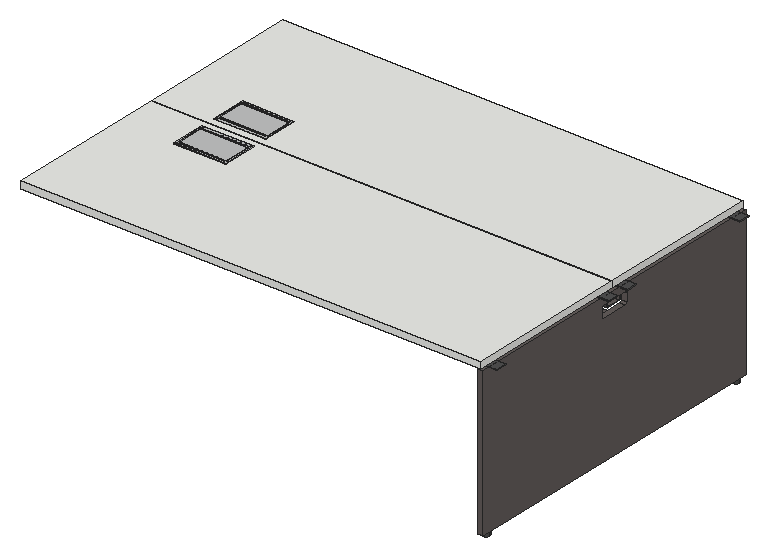
Revit family "Spine_Desks-Teknion-RMDDL_Spine_Desk_Shared_In_Line_Position-R2019", category Furniture, Revit 2019
Family settings
  OmniClass Number = 23.40.20.00
  OmniClass Title = General Furniture and Specialties
  Work Plane-Based = No
  Always vertical = Yes
  Cut with Voids When Loaded = No
  Shared = Yes
  Room Calculation Point = No
Parameters (values of type "Access Door Left, Raised Modesty Panel")
  Worksurface Grommet / Access Door Finish [instance] = Paint - Teknion - Mica - Platinum
  Worksurface Finish [instance] = Foundation Laminate - Teknion - XG - Very White
  Width [instance] = 84.000"
  Warranty = "http://www.teknion.com/ca/papers/legal-canada"
  Unit Weight URL = "http://www.teknion.com/ca/tools/assets#&asset=bee6a381-b954-425e-8283-5a2de3a804f2,f828d448-4b62-4231-9e5f-9a8991c0ed77"
  Underside Plate Offset [instance] = if(Has Full Intermediate Gable, 1.339", 0.610")  # 1.339"
  URL = "www.teknion.com"
  To render please download texture images found here [instance] = "https://assets.teknion.com/web/5e81352c1dfdb467/revit-material-swatches/"
  Sustainability Data = "https://www.teknion.com/ca/tools/assets#&topic=216f99a5-57a0-44fc-b10a-9dee9b29ae4c&asset=444deb64-fe58-4b68-981e-f75e97781df7,b4ff2d81-9f2e-437d-9659-7cffb09c31cf"
  Series = "Expansion Desking"  # constant formula
  Right Access Door = no
  Product Page URL = "https://www.teknion.com/ca/products/product-details?productLineId=2b4e336e-8e7a-673b-a6c8-ff00004460c4"
  Product Line = "Expansion Desking"  # constant formula
  Product Documentation Link = "https://www.teknion.com/pricing/expansion-desking/pdfs/RMDDL_ppg.pdf"
  Part Number = "RMDDL"  # constant formula
  Modesty Panel and Intermediate Panel Finish [instance] = Veneer - Teknion - VB - Flintwood - Black Walnut
  Model = "RMDDL_RL_____"
  Manufacturer Phone = "416-661-3370"  # constant formula
  Manufacturer Fax = "416.661.4586"  # constant formula
  Manufacturer Contact Information = "http://www.teknion.com/ca/contactus"
  Manufacturer Address = "1150 Flint Road, Toronto, ON. M3J 2J5. Canada"  # constant formula
  Manufacturer = "Teknion"  # constant formula
  Middle Access Door = no
  Left Access Door = yes
  Intermediate Gable Options [instance] = "Select one option below:"  # constant formula
  Intermediate Gable Offset [instance] = if(Has Full Intermediate Gable, 0.000", 13.039")  # 0.000"
  How To Use Teknion Materials User Guide [instance] = "https://assets.teknion.com/m/205dd0a49fa58060/original/How-to-add-a-Material-Library-and-Texture-Images-to-your-Revit-project.pdf"
  Has Half Intermediate Gable [instance] = not(Has Full Intermediate Gable)  # no
  Has Full Intermediate Gable [instance] = yes
  Front Access Panel Cutout Offset [instance] = if(Offset Left Access Door, 15.000", if(Offset Right Access Door, Width - 15.000", if(Left Access Door, 15.000", if(Middle Access Door, Width / 2, Width - 15.000"))))  # 15.000"
  For Additional Finishes please visit [instance] = "https://assets.teknion.com/m/44a8009b046e5d47/original/Teknion_Materials_Library.zip"
  Offset Right Access Door = no
  Description = "Spine Desk - Shared - In Line Position, Raised Modesty Panel, Access Door Left"
  Depth [instance] = 60.000"
  Offset Left Access Door = no
  Connection Node Visibility [instance] = yes
  Center Grommet Cutout [instance] = if(Centered Rectangular Grommet, 3.000", 0.500")  # 0.500"
  Centered Rectangular Grommet = no
  Both End Grommet Cutout [instance] = if(Both Ends Rectangular Grommet, 3.000", 0.500")  # 0.500"
  Back Access Panel Cutout Offset [instance] = if(Offset Left Access Door, Width - 15.000", if(Offset Right Access Door, 15.000", if(Left Access Door, 15.000", if(Middle Access Door, Width / 2, Width - 15.000"))))  # 15.000"
  Both Ends Rectangular Grommet = no
  Available Width [instance] = if(or(Both Ends Rectangular Grommet, Left Access Door, Right Access Door), "48\", 54\", 60\", 66\", 72\", 78\", or 84\"", if(or(Offset Left Access Door, Offset Right Access Door), "60\", 66\", 72\", 78\", or 84\"", "30\", 36\", 42\", 48\", 54\", 60\", 66\", 72\", 78\", or 84\""))  # "48\", 54\", 60\", 66\", 72\", 78\", or 84\""
  Available Depth [instance] = "48\", or 60\""  # constant formula
  Assembly Code = "E2020200"
  Access Door Cutout [instance] = if(Access Door, 3.000", 0.500")  # 3.000"
  Access Door = or(Offset Left Access Door, Offset Right Access Door, Left Access Door, Middle Access Door, Right Access Door)  # yes
Types (8): name | Right Access Door | Model | Middle Access Door | Left Access Door | Front Access Panel Cutout Offset | Offset Right Access Door | Description | Offset Left Access Door | Center Grommet Cutout | Centered Rectangular Grommet | Both End Grommet Cutout | Back Access Panel Cutout Offset | Both Ends Rectangular Grommet | Available Width | Access Door Cutout | Access Door
  (no name) | no | "RMDDL_RL_____" | no | yes | 15.000" | no | "Spine Desk - Shared - In Line Position, Raised Modesty Panel, Access Door Left" | no | 0.500" | no | 0.500" | 15.000" | no | "48\", 54\", 60\", 66\", 72\", 78\", or 84\"" | 3.000" | yes
  Rectangular Grommets Both Ends, Raised Modesty Panel | no | "RMDDL_RB_____" | no | no | 69.000" | no | "Spine Desk - Shared - In Line Position, Raised Modesty Panel, Rectangular Grommets Both Ends" | no | 0.500" | no | 3.000" | 69.000" | yes | "48\", 54\", 60\", 66\", 72\", 78\", or 84\"" | 0.500" | no
  Rectangular Grommets Centered, Raised Modesty Panel | no | "RMDDL_RC_____" | no | no | 69.000" | no | "Spine Desk - Shared - In Line Position, Raised Modesty Panel, Rectangular Grommets Centered" | no | 3.000" | yes | 0.500" | 69.000" | no | "30\", 36\", 42\", 48\", 54\", 60\", 66\", 72\", 78\", or 84\"" | 0.500" | no
  Access Door Offset Left, Raised Modesty Panel | no | "RMDDL_RD_____" | no | no | 15.000" | no | "Spine Desk - Shared - In Line Position, Raised Modesty Panel, Access Door Offset Left" | yes | 0.500" | no | 0.500" | 69.000" | no | "60\", 66\", 72\", 78\", or 84\"" | 3.000" | yes
  Access Door Offset Right, Raised Modesty Panel | no | "RMDDL_RE_____" | no | no | 69.000" | yes | "Spine Desk - Shared - In Line Position, Raised Modesty Panel, Access Door Offset Right" | no | 0.500" | no | 0.500" | 15.000" | no | "60\", 66\", 72\", 78\", or 84\"" | 3.000" | yes
  Access Door Left, Raised Modesty Panel | no | "RMDDL_RL_____" | no | yes | 15.000" | no | "Spine Desk - Shared - In Line Position, Raised Modesty Panel, Access Door Left" | no | 0.500" | no | 0.500" | 15.000" | no | "48\", 54\", 60\", 66\", 72\", 78\", or 84\"" | 3.000" | yes
  Access Door Middle, Raised Modesty Panel | no | "RMDDL_RM_____" | yes | no | 42.000" | no | "Spine Desk - Shared - In Line Position, Raised Modesty Panel, Access Door Middle" | no | 0.500" | no | 0.500" | 42.000" | no | "30\", 36\", 42\", 48\", 54\", 60\", 66\", 72\", 78\", or 84\"" | 3.000" | yes
  Access Door Right, Raised Modesty Panel | yes | "RMDDL_RR_____" | no | no | 69.000" | no | "Spine Desk - Shared - In Line Position, Raised Modesty Panel, Access Door Right" | no | 0.500" | no | 0.500" | 69.000" | no | "48\", 54\", 60\", 66\", 72\", 78\", or 84\"" | 3.000" | yes
Reference planes (in)
  plane 1 "Center Front/Back": y = 0
  plane 2: z = 0
  plane 3 "Center Left/Right": x = 0
  plane 4 "Left": x = -42
  plane 5 "Right": x = 42
  plane 6 "Back": y = 30
  plane 7 "Front": y = -30
  plane 8 "Top": z = 29
  plane 9 "Front Access Panel": x = -27
  plane 10 "Back Access Panel": x = -27
Forms (in)
  Sweep 1, solid, material "Veneer - Teknion - VB - Flintwood - Black Walnut" <- "Modesty Panel and Intermediate Panel Finish"
    path origin (0, 0, 0) x (1, 0, 0) y (0, 0, 1)
      loop
        line (0, 0.60236) -> (0, 27.69134)
    profile origin (0, 0, 14.14685) x (-1, 0, 0) y (0, -1, 0)
      loop
        line (-41.49213, -30) -> (-41.49213, 30) -> (-42.50788, 30) -> (-42.50788, -30) -> (-41.49213, -30)
  Sweep 2, solid, material "Veneer - Teknion - VB - Flintwood - Black Walnut" <- "Modesty Panel and Intermediate Panel Finish"
    path origin (0, 0, 0) x (1, 0, 0) y (0, 0, 1)
      loop
        line (0, 8.8376) -> (0, 23.5626)
    profile origin (0, 0, 16.2001) x (-1, 0, 0) y (0, -1, 0)
      loop
        line (41.492, -0.50787) -> (41.492, 0.50787) -> (-41.49213, 0.50787) -> (-41.49213, -0.50787) -> (41.492, -0.50787)
  Sweep 3, solid, material "Foundation Laminate - Teknion - XG - Very White" <- "Worksurface Finish"
    path origin (0, 0, 0) x (1, 0, 0) y (0, 0, 1)
      loop
        line (0, 27.81102) -> (0, 29)
    profile origin (0, 0, 28.40551) x (-1, 0, 0) y (0, -1, 0)
      loop
        line (42, -30) -> (42, 0) -> (-42, 0) -> (-42, -30) -> (42, -30)
  Sweep 4, solid, material "Foundation Laminate - Teknion - XG - Very White" <- "Worksurface Finish"
    path origin (0, 0, 0) x (1, 0, 0) y (0, 0, 1)
      loop
        line (0, 27.81102) -> (0, 29)
    profile origin (0, 0, 28.40551) x (-1, 0, 0) y (0, -1, 0)
      loop
        line (42, 0) -> (42, 30) -> (-42, 30) -> (-42, 0) -> (42, 0)
  Sweep 5, solid, material "Veneer - Teknion - VB - Flintwood - Black Walnut" <- "Modesty Panel and Intermediate Panel Finish"
    path origin (0, 0, 0) x (1, 0, 0) y (0, 1, 0)
      loop
        line (-39, 0) -> (39, 0)
    profile origin (0, 0, 0) x (0, 1, 0) y (0, 0, 1)
      loop
        line (5.14456, 25.62599) -> (5.58984, 24.79327) -> (5.58984, 22.38189) -> (2.91599, 22.38189) -> (2.29137, 23.55663) -> (1.97556, 23.49525) -> (1.96166, 23.56674) -> (1.75495, 23.52657) -> (1.79627, 23.31401) -> (2.00298, 23.35419) -> (1.98908, 23.42568) -> (2.25341, 23.47707) -> (2.87341, 22.31102) -> (5.6607, 22.31102) -> (5.6607, 24.81102) -> (5.11966, 25.82283) -> (4.88189, 25.82283) -> (4.88189, 25.62599) -> (5.14456, 25.62599)
      loop
        line (-5.14456, 25.62599) -> (-4.88189, 25.62599) -> (-4.88189, 25.82283) -> (-5.11966, 25.82283) -> (-5.6607, 24.81102) -> (-5.6607, 22.31102) -> (-2.87341, 22.31102) -> (-2.25341, 23.47707) -> (-1.98908, 23.42568) -> (-2.00298, 23.35419) -> (-1.79627, 23.31401) -> (-1.75495, 23.52657) -> (-1.96166, 23.56674) -> (-1.97556, 23.49525) -> (-2.29137, 23.55663) -> (-2.91599, 22.38189) -> (-5.58984, 22.38189) -> (-5.58984, 24.79327) -> (-5.14456, 25.62599)
  Sweep 6, solid, material "Paint - Teknion - Foundation - Ebony"
    path origin (0, 0, 0) x (1, 0, 0) y (0, 0, 1)
      loop
        line (0, 27.69134) -> (0, 27.81102)
    profile origin (0, 0, 27.75118) x (-1, 0, 0) y (0, -1, 0)
      loop
        line (-40, -3.09449) -> (-40, -1.09449) -> (-44, -1.09449) -> (-44, -3.09449) -> (-40, -3.09449)
      loop
        line (-40, 1.09449) -> (-40, 3.09449) -> (-44, 3.09449) -> (-44, 1.09449) -> (-40, 1.09449)
      loop
        line (-40, -28.661) -> (-40, -26.661) -> (-44, -26.661) -> (-44, -28.661) -> (-40, -28.661)
      loop
        line (-40, 28.661) -> (-44, 28.661) -> (-44, 26.661) -> (-40, 26.661) -> (-40, 28.661)
  Sweep 7, void
    path origin (0, 0, 0) x (1, 0, 0) y (0, 1, 0)
      loop
        line (40.5, 0) -> (43.5, 0)
    profile origin (42, 0, 0) x (0, 1, 0) y (0, 0, 1)
      loop
        line (2.53937, 26.45177) -> (-2.53937, 26.45177)
        arc (-2.53937, 26.45177) -> (-2.83191, 26.33046) -> (-2.95276, 26.03772) r 0.41339
        line (-2.95276, 26.03772) -> (-2.95276, 24.50229)
        arc (-2.95276, 24.50229) -> (-2.83144, 24.21041) -> (-2.53937, 24.08957) r 0.41339
        line (-2.53937, 24.08957) -> (2.53937, 24.08957)
        arc (2.53937, 24.08957) -> (2.83168, 24.21065) -> (2.95276, 24.50295) r 0.41339
        line (2.95276, 24.50295) -> (2.95276, 26.03838)
        arc (2.95276, 26.03838) -> (2.83168, 26.33069) -> (2.53937, 26.45177) r 0.41339
  Sweep 8, solid, material "Paint - Teknion - Mica - Platinum" <- "Worksurface Grommet / Access Door Finish", visible <- "Both Ends Rectangular Grommet"
    path origin (0, 0, 0) x (1, 0, 0) y (0, 0, 1)
      loop
        line (0, 29.15748) -> (0, 29)
    profile origin (0, 0, 29.07874) x (0, -1, 0) y (1, 0, 0)
      loop
        line (-6.50077, -40.57716) -> (-3.65671, -40.57716) -> (-3.65671, -37.72893) -> (-6.50077, -37.72893) -> (-6.50077, -40.57716)
      loop
        line (3.65671, -40.57716) -> (6.50077, -40.57716) -> (6.50077, -37.72893) -> (3.65671, -37.72893) -> (3.65671, -40.57716)
      loop
        line (-6.50077, 37.72893) -> (-3.65671, 37.72893) -> (-3.65671, 40.57716) -> (-6.50077, 40.57716) -> (-6.50077, 37.72893)
      loop
        line (3.65671, 37.72893) -> (6.50077, 37.72893) -> (6.50077, 40.57716) -> (3.65671, 40.57716) -> (3.65671, 37.72893)
  Sweep 9, solid, material "Paint - Teknion - Mica - Platinum" <- "Worksurface Grommet / Access Door Finish", visible <- "Both Ends Rectangular Grommet"
    path origin (0, 0, 0) x (1, 0, 0) y (0, 0, 1)
      loop
        line (0, 29.15748) -> (0, 29)
    profile origin (0, 0, 29.07874) x (0, -1, 0) y (1, 0, 0)
      loop
        line (-6.50077, -37.72893) -> (-5.29141, -37.72893) -> (-5.29141, -35.45033) -> (-4.86607, -35.45033) -> (-4.86607, -37.72893) -> (-3.65671, -37.72893) -> (-3.65671, -33.92284) -> (-6.50077, -33.92284) -> (-6.50077, -37.72893)
      loop
        line (6.50077, -37.72893) -> (6.50077, -33.92284) -> (3.65671, -33.92284) -> (3.65671, -37.72893) -> (4.86607, -37.72893) -> (4.86607, -35.45033) -> (5.29141, -35.45033) -> (5.29141, -37.72893) -> (6.50077, -37.72893)
      loop
        line (-6.50077, 37.72893) -> (-6.50077, 33.92284) -> (-3.65671, 33.92284) -> (-3.65671, 37.72893) -> (-4.86607, 37.72893) -> (-4.86607, 35.45033) -> (-5.29141, 35.45033) -> (-5.29141, 37.72893) -> (-6.50077, 37.72893)
      loop
        line (6.50077, 37.72893) -> (5.29141, 37.72893) -> (5.29141, 35.45033) -> (4.86607, 35.45033) -> (4.86607, 37.72893) -> (3.65671, 37.72893) -> (3.65671, 33.92284) -> (6.50077, 33.92284) -> (6.50077, 37.72893)
  Sweep 10, solid, material "Paint - Teknion - Mica - Platinum" <- "Worksurface Grommet / Access Door Finish", visible <- "Centered Rectangular Grommet"
    path origin (0, 0, 0) x (1, 0, 0) y (0, 0, 1)
      loop
        line (0, 29) -> (0, 29.15748)
    profile origin (0, 0, 29.07874) x (-1, 0, 0) y (0, -1, 0)
      loop
        line (3.32716, -6.50077) -> (3.32716, -3.65671) -> (0.47893, -3.65671) -> (0.47893, -6.50077) -> (3.32716, -6.50077)
      loop
        line (-0.47893, 3.65671) -> (-0.47893, 6.50077) -> (-3.32716, 6.50077) -> (-3.32716, 3.65671) -> (-0.47893, 3.65671)
  Sweep 11, solid, material "Paint - Teknion - Mica - Platinum" <- "Worksurface Grommet / Access Door Finish", visible <- "Centered Rectangular Grommet"
    path origin (0, 0, 0) x (1, 0, 0) y (0, 0, 1)
      loop
        line (0, 29) -> (0, 29.15748)
    profile origin (0, 0, 29.07874) x (-1, 0, 0) y (0, -1, 0)
      loop
        line (0.47893, -6.50077) -> (0.47893, -5.29141) -> (-1.79967, -5.29141) -> (-1.79967, -4.86607) -> (0.47893, -4.86607) -> (0.47893, -3.65671) -> (-3.32716, -3.65671) -> (-3.32716, -6.50077) -> (0.47893, -6.50077)
      loop
        line (-0.47893, 6.50077) -> (-0.47893, 5.29141) -> (1.79967, 5.29141) -> (1.79967, 4.86607) -> (-0.47893, 4.86607) -> (-0.47893, 3.65671) -> (3.32716, 3.65671) -> (3.32716, 6.50077) -> (-0.47893, 6.50077)
  Sweep 12, solid, material "Paint - Teknion - Mica - Platinum" <- "Worksurface Grommet / Access Door Finish", visible <- "Access Door"
    path origin (0, 0, 0) x (1, 0, 0) y (0, 0, 1)
      loop
        line (0, 29.07874) -> (0, 29)
    profile origin (0, 0, 29.03937) x (0, -1, 0) y (1, 0, 0)
      loop
        line (1.39665, -31.72441) -> (7.85335, -31.72441) -> (7.85335, -22.27559) -> (1.39665, -22.27559) -> (1.39665, -31.72441)
      loop
        line (7.53839, -31.40945) -> (7.53839, -22.59055) -> (1.71161, -22.59055) -> (1.71161, -31.40945) -> (7.53839, -31.40945)
      loop
        line (2.24311, -31.37008) -> (7.00689, -31.37008) -> (7.00689, -22.62992) -> (2.24311, -22.62992) -> (2.24311, -31.37008)
      loop
        line (-1.39665, -22.27559) -> (-7.85335, -22.27559) -> (-7.85335, -31.72441) -> (-1.39665, -31.72441) -> (-1.39665, -22.27559)
      loop
        line (-7.53839, -22.59055) -> (-7.53839, -31.40945) -> (-1.71161, -31.40945) -> (-1.71161, -22.59055) -> (-7.53839, -22.59055)
      loop
        line (-2.24311, -22.62992) -> (-7.00689, -22.62992) -> (-7.00689, -31.37008) -> (-2.24311, -31.37008) -> (-2.24311, -22.62992)
  Sweep 13, void
    path origin (0, 0, 0) x (1, 0, 0) y (0, 0, 1)
      loop
        line (0, 30) -> (0, 27)
    profile origin (0, 0, 28.5) x (0, -1, 0) y (1, 0, 0)
      loop
        line (1.8937, -31.625) -> (7.3563, -31.625)
        arc (7.3563, -31.625) -> (7.63469, -31.50969) -> (7.75, -31.2313) r 0.3937
        line (7.75, -31.2313) -> (7.75, -22.7687)
        arc (7.75, -22.7687) -> (7.63469, -22.49031) -> (7.3563, -22.375) r 0.3937
        line (7.3563, -22.375) -> (1.8937, -22.375)
        arc (1.8937, -22.375) -> (1.61531, -22.49031) -> (1.5, -22.7687) r 0.3937
        line (1.5, -22.7687) -> (1.5, -31.2313)
        arc (1.5, -31.2313) -> (1.61531, -31.50969) -> (1.8937, -31.625) r 0.3937
      loop
        line (-7.3563, -31.625) -> (-1.8937, -31.625)
        arc (-1.8937, -31.625) -> (-1.61531, -31.50969) -> (-1.5, -31.2313) r 0.3937
        line (-1.5, -31.2313) -> (-1.5, -22.7687)
        arc (-1.5, -22.7687) -> (-1.61531, -22.49031) -> (-1.8937, -22.375) r 0.3937
        line (-1.8937, -22.375) -> (-7.3563, -22.375)
        arc (-7.3563, -22.375) -> (-7.63469, -22.49031) -> (-7.75, -22.7687) r 0.3937
        line (-7.75, -22.7687) -> (-7.75, -31.2313)
        arc (-7.75, -31.2313) -> (-7.63469, -31.50969) -> (-7.3563, -31.625) r 0.3937
  Sweep 14, void
    path origin (0, 0, 0) x (1, 0, 0) y (0, 0, 1)
      loop
        line (0, 29.5) -> (0, 30)
    profile origin (0, 0, 29.75) x (-1, 0, 0) y (0, -1, 0)
      loop
        line (0.29194, -6.10495) -> (2.1422, -5.57859)
        arc (2.1422, -5.57859) -> (2.51969, -5.07874) -> (2.1422, -4.57889) r 0.51969
        line (2.1422, -4.57889) -> (0.29194, -4.05253)
        arc (0.29194, -4.05253) -> (0, -4.01181) -> (-0.29194, -4.05253) r 1.06693
        line (-0.29194, -4.05253) -> (-2.1422, -4.57889)
        arc (-2.1422, -4.57889) -> (-2.51968, -5.07874) -> (-2.1422, -5.57859) r 0.51969
        line (-2.1422, -5.57859) -> (-0.29194, -6.10495)
        arc (-0.29194, -6.10495) -> (0, -6.14567) -> (0.29194, -6.10495) r 1.06693
      loop
        line (0.29194, 4.05253) -> (2.1422, 4.57889)
        arc (2.1422, 4.57889) -> (2.51968, 5.07874) -> (2.1422, 5.57859) r 0.51969
        line (2.1422, 5.57859) -> (0.29194, 6.10495)
        arc (0.29194, 6.10495) -> (0, 6.14567) -> (-0.29194, 6.10495) r 1.06693
        line (-0.29194, 6.10495) -> (-2.1422, 5.57859)
        arc (-2.1422, 5.57859) -> (-2.51969, 5.07874) -> (-2.1422, 4.57889) r 0.51969
        line (-2.1422, 4.57889) -> (-0.29194, 4.05253)
        arc (-0.29194, 4.05253) -> (0, 4.01181) -> (0.29194, 4.05253) r 1.06693
  Sweep 15, void
    path origin (0, 0, 0) x (1, 0, 0) y (0, 0, 1)
      loop
        line (0, 30) -> (0, 29.5)
    profile origin (0, 0, 29.75) x (0, -1, 0) y (1, 0, 0)
      loop
        line (-6.10495, -37.54194) -> (-5.57859, -39.3922)
        arc (-5.57859, -39.3922) -> (-5.07874, -39.76968) -> (-4.57889, -39.3922) r 0.51969
        line (-4.57889, -39.3922) -> (-4.05253, -37.54194)
        arc (-4.05253, -37.54194) -> (-4.01181, -37.25) -> (-4.05253, -36.95806) r 1.06693
        line (-4.05253, -36.95806) -> (-4.57889, -35.1078)
        arc (-4.57889, -35.1078) -> (-5.07874, -34.73032) -> (-5.57859, -35.1078) r 0.51969
        line (-5.57859, -35.1078) -> (-6.10495, -36.95806)
        arc (-6.10495, -36.95806) -> (-6.14567, -37.25) -> (-6.10495, -37.54194) r 1.06693
      loop
        line (4.05253, -37.54193) -> (4.57889, -39.3922)
        arc (4.57889, -39.3922) -> (5.07874, -39.76968) -> (5.57859, -39.3922) r 0.51969
        line (5.57859, -39.3922) -> (6.10495, -37.54193)
        arc (6.10495, -37.54193) -> (6.14567, -37.25) -> (6.10495, -36.95806) r 1.06693
        line (6.10495, -36.95806) -> (5.57859, -35.1078)
        arc (5.57859, -35.1078) -> (5.07874, -34.73031) -> (4.57889, -35.1078) r 0.51969
        line (4.57889, -35.1078) -> (4.05253, -36.95806)
        arc (4.05253, -36.95806) -> (4.01181, -37.25) -> (4.05253, -37.54193) r 1.06693
      loop
        line (-6.10495, 36.95807) -> (-5.57859, 35.1078)
        arc (-5.57859, 35.1078) -> (-5.07874, 34.73032) -> (-4.57889, 35.1078) r 0.51969
        line (-4.57889, 35.1078) -> (-4.05253, 36.95807)
        arc (-4.05253, 36.95807) -> (-4.01181, 37.25) -> (-4.05253, 37.54194) r 1.06693
        line (-4.05253, 37.54194) -> (-4.57889, 39.3922)
        arc (-4.57889, 39.3922) -> (-5.07874, 39.76969) -> (-5.57859, 39.3922) r 0.51969
        line (-5.57859, 39.3922) -> (-6.10495, 37.54194)
        arc (-6.10495, 37.54194) -> (-6.14567, 37.25) -> (-6.10495, 36.95807) r 1.06693
      loop
        line (4.05253, 36.95807) -> (4.57889, 35.10781)
        arc (4.57889, 35.10781) -> (5.07874, 34.73032) -> (5.57859, 35.10781) r 0.51969
        line (5.57859, 35.10781) -> (6.10495, 36.95807)
        arc (6.10495, 36.95807) -> (6.14567, 37.25) -> (6.10495, 37.54194) r 1.06693
        line (6.10495, 37.54194) -> (5.57859, 39.3922)
        arc (5.57859, 39.3922) -> (5.07874, 39.76969) -> (4.57889, 39.3922) r 0.51969
        line (4.57889, 39.3922) -> (4.05253, 37.54194)
        arc (4.05253, 37.54194) -> (4.01181, 37.25) -> (4.05253, 36.95807) r 1.06693
  Sweep 16, solid, material "Plastic - Teknion - E - Ebony"
    path origin (0, 0, 0) x (1, 0, 0) y (0, 0, 1)
      loop
        line (0, 0) -> (0, 0.60236)
    profile origin (0, 0, 0.30118) x (-1, 0, 0) y (0, -1, 0)
      loop
        circle (-42, 28.49929) r 0.5
      loop
        circle (-42, -28.49929) r 0.5
Cuts and joins
  Sweep 7 cuts Sweep 1
  Sweep 13, Sweep 14, Sweep 15 cuts Sweep 3
  Sweep 13, Sweep 14, Sweep 15 cuts Sweep 4
Lines and regions (in)
  Masking region 1
    outline origin (0, 0, 0) x (1, 0, 0) y (0, 1, 0)
      loop
        line (-42, -30) -> (42, -30) -> (42, 0) -> (-42, 0) -> (-42, -30)
  Masking region 2
    outline origin (0, 0, 0) x (1, 0, 0) y (0, 1, 0)
      loop
        line (42, 30) -> (-42, 30) -> (-42, 0) -> (42, 0) -> (42, 30)
  symbolic lines, visible <- "Access Door"
    curve 1: line (-31.72441, -1.39665, 0) -> (-31.72441, -7.85335, 0)
    curve 2: line (-31.72441, -7.85335, 0) -> (-22.27559, -7.85335, 0)
    curve 3: line (-22.27559, -7.85335, 0) -> (-22.27559, -1.39665, 0)
    curve 4: line (-22.27559, -1.39665, 0) -> (-31.72441, -1.39665, 0)
    curve 5: line (-31.40945, -7.53839, 0) -> (-31.40945, -1.71161, 0)
    curve 6: line (-31.40945, -1.71161, 0) -> (-22.59055, -1.71161, 0)
    curve 7: line (-22.59055, -1.71161, 0) -> (-22.59055, -7.53839, 0)
    curve 8: line (-22.59055, -7.53839, 0) -> (-31.40945, -7.53839, 0)
    curve 9: line (-31.37008, -7.00689, 0) -> (-22.62992, -7.00689, 0)
    curve 10: line (-22.62992, -7.00689, 0) -> (-22.62992, -2.24311, 0)
    curve 11: line (-22.62992, -2.24311, 0) -> (-31.37008, -2.24311, 0)
    curve 12: line (-31.37008, -2.24311, 0) -> (-31.37008, -7.00689, 0)
    curve 13: line (-22.27559, 7.85335, 0) -> (-31.72441, 7.85335, 0)
    curve 14: line (-31.72441, 7.85335, 0) -> (-31.72441, 1.39665, 0)
    curve 15: line (-31.72441, 1.39665, 0) -> (-22.27559, 1.39665, 0)
    curve 16: line (-22.27559, 1.39665, 0) -> (-22.27559, 7.85335, 0)
    curve 17: line (-31.40945, 7.53839, 0) -> (-22.59055, 7.53839, 0)
    curve 18: line (-22.59055, 7.53839, 0) -> (-22.59055, 1.71161, 0)
    curve 19: line (-22.59055, 1.71161, 0) -> (-31.40945, 1.71161, 0)
    curve 20: line (-31.40945, 1.71161, 0) -> (-31.40945, 7.53839, 0)
    curve 21: line (-22.62992, 7.00689, 0) -> (-31.37008, 7.00689, 0)
    curve 22: line (-31.37008, 7.00689, 0) -> (-31.37008, 2.24311, 0)
    curve 23: line (-31.37008, 2.24311, 0) -> (-22.62992, 2.24311, 0)
    curve 24: line (-22.62992, 2.24311, 0) -> (-22.62992, 7.00689, 0)
  symbolic lines, visible <- "Both Ends Rectangular Grommet"
    curve 25: line (-37.72893, 6.50077, 0) -> (-40.57716, 6.50077, 0)
    curve 26: line (-40.57716, 6.50077, 0) -> (-40.57716, 3.65671, 0)
    curve 27: line (-40.57716, 3.65671, 0) -> (-37.72893, 3.65671, 0)
    curve 28: line (-37.72893, 3.65671, 0) -> (-37.72893, 6.50077, 0)
    curve 29: line (-37.72893, -3.65671, 0) -> (-40.57716, -3.65671, 0)
    curve 30: line (-40.57716, -3.65671, 0) -> (-40.57716, -6.50077, 0)
    curve 31: line (-40.57716, -6.50077, 0) -> (-37.72893, -6.50077, 0)
    curve 32: line (-37.72893, -6.50077, 0) -> (-37.72893, -3.65671, 0)
    curve 33: line (-33.92284, -3.65671, 0) -> (-37.72893, -3.65671, 0)
    curve 34: line (-37.72893, -3.65671, 0) -> (-37.72893, -4.86607, 0)
    curve 35: line (-37.72893, -4.86607, 0) -> (-35.45033, -4.86607, 0)
    curve 36: line (-35.45033, -4.86607, 0) -> (-35.45033, -5.29141, 0)
    curve 37: line (-35.45033, -5.29141, 0) -> (-37.72893, -5.29141, 0)
    curve 38: line (-37.72893, -5.29141, 0) -> (-37.72893, -6.50077, 0)
    curve 39: line (-37.72893, -6.50077, 0) -> (-33.92284, -6.50077, 0)
    curve 40: line (-33.92284, -6.50077, 0) -> (-33.92284, -3.65671, 0)
    curve 41: line (-33.92284, 6.50077, 0) -> (-37.72893, 6.50077, 0)
    curve 42: line (-37.72893, 6.50077, 0) -> (-37.72893, 5.29141, 0)
    curve 43: line (-37.72893, 5.29141, 0) -> (-35.45033, 5.29141, 0)
    curve 44: line (-35.45033, 5.29141, 0) -> (-35.45033, 4.86607, 0)
    curve 45: line (-35.45033, 4.86607, 0) -> (-37.72893, 4.86607, 0)
    curve 46: line (-37.72893, 4.86607, 0) -> (-37.72893, 3.65671, 0)
    curve 47: line (-37.72893, 3.65671, 0) -> (-33.92284, 3.65671, 0)
    curve 48: line (-33.92284, 3.65671, 0) -> (-33.92284, 6.50077, 0)
    curve 49: line (40.57716, 6.50077, 0) -> (37.72893, 6.50077, 0)
    curve 50: line (37.72893, 6.50077, 0) -> (37.72893, 3.65671, 0)
    curve 51: line (37.72893, 3.65671, 0) -> (40.57716, 3.65671, 0)
    curve 52: line (40.57716, 3.65671, 0) -> (40.57716, 6.50077, 0)
    curve 53: line (37.72893, 6.50077, 0) -> (33.92284, 6.50077, 0)
    curve 54: line (33.92284, 6.50077, 0) -> (33.92284, 3.65671, 0)
    curve 55: line (33.92284, 3.65671, 0) -> (37.72893, 3.65671, 0)
    curve 56: line (37.72893, 3.65671, 0) -> (37.72893, 4.86607, 0)
    curve 57: line (37.72893, 4.86607, 0) -> (35.45033, 4.86607, 0)
    curve 58: line (35.45033, 4.86607, 0) -> (35.45033, 5.29141, 0)
    curve 59: line (35.45033, 5.29141, 0) -> (37.72893, 5.29141, 0)
    curve 60: line (37.72893, 5.29141, 0) -> (37.72893, 6.50077, 0)
    curve 61: line (40.57716, -3.65671, 0) -> (37.72893, -3.65671, 0)
    curve 62: line (37.72893, -3.65671, 0) -> (37.72893, -6.50077, 0)
    curve 63: line (37.72893, -6.50077, 0) -> (40.57716, -6.50077, 0)
    curve 64: line (40.57716, -6.50077, 0) -> (40.57716, -3.65671, 0)
    curve 65: line (37.72893, -3.65671, 0) -> (33.92284, -3.65671, 0)
    curve 66: line (33.92284, -3.65671, 0) -> (33.92284, -6.50077, 0)
    curve 67: line (33.92284, -6.50077, 0) -> (37.72893, -6.50077, 0)
    curve 68: line (37.72893, -6.50077, 0) -> (37.72893, -5.29141, 0)
    curve 69: line (37.72893, -5.29141, 0) -> (35.45033, -5.29141, 0)
    curve 70: line (35.45033, -5.29141, 0) -> (35.45033, -4.86607, 0)
    curve 71: line (35.45033, -4.86607, 0) -> (37.72893, -4.86607, 0)
    curve 72: line (37.72893, -4.86607, 0) -> (37.72893, -3.65671, 0)
  symbolic lines, visible <- "Centered Rectangular Grommet"
    curve 73: line (-0.47893, 6.50077, 0) -> (-3.32716, 6.50077, 0)
    curve 74: line (-3.32716, 6.50077, 0) -> (-3.32716, 3.65671, 0)
    curve 75: line (-3.32716, 3.65671, 0) -> (-0.47893, 3.65671, 0)
    curve 76: line (-0.47893, 3.65671, 0) -> (-0.47893, 6.50077, 0)
    curve 77: line (3.32716, -3.65671, 0) -> (0.47893, -3.65671, 0)
    curve 78: line (0.47893, -3.65671, 0) -> (0.47893, -6.50077, 0)
    curve 79: line (0.47893, -6.50077, 0) -> (3.32716, -6.50077, 0)
    curve 80: line (3.32716, -6.50077, 0) -> (3.32716, -3.65671, 0)
    curve 81: line (0.47893, -3.65671, 0) -> (-3.32716, -3.65671, 0)
    curve 82: line (-3.32716, -3.65671, 0) -> (-3.32716, -6.50077, 0)
    curve 83: line (-3.32716, -6.50077, 0) -> (0.47893, -6.50077, 0)
    curve 84: line (0.47893, -6.50077, 0) -> (0.47893, -5.29141, 0)
    curve 85: line (0.47893, -5.29141, 0) -> (-1.79967, -5.29141, 0)
    curve 86: line (-1.79967, -5.29141, 0) -> (-1.79967, -4.86607, 0)
    curve 87: line (-1.79967, -4.86607, 0) -> (0.47893, -4.86607, 0)
    curve 88: line (0.47893, -4.86607, 0) -> (0.47893, -3.65671, 0)
    curve 89: line (-0.47893, 3.65671, 0) -> (3.32716, 3.65671, 0)
    curve 90: line (3.32716, 3.65671, 0) -> (3.32716, 6.50077, 0)
    curve 91: line (3.32716, 6.50077, 0) -> (-0.47893, 6.50077, 0)
    curve 92: line (-0.47893, 6.50077, 0) -> (-0.47893, 5.29141, 0)
    curve 93: line (-0.47893, 5.29141, 0) -> (1.79967, 5.29141, 0)
    curve 94: line (1.79967, 5.29141, 0) -> (1.79967, 4.86607, 0)
    curve 95: line (1.79967, 4.86607, 0) -> (-0.47893, 4.86607, 0)
    curve 96: line (-0.47893, 4.86607, 0) -> (-0.47893, 3.65671, 0)
  symbolic lines, style "FurnitureHiddenLines", detail levels medium+fine
    curve 97: line (41.49213, 0.50787, 0) -> (-40.98425, 0.50787, 0)
    curve 98: line (-40.98425, -0.50787, 0) -> (41.49213, -0.50787, 0)
    curve 99: line (42.50788, -30, 0) -> (42.50788, 30, 0)
    curve 100: line (42.50788, 30, 0) -> (41.49213, 30, 0)
    curve 101: line (41.49213, 30, 0) -> (41.49213, -30, 0)
    curve 102: line (41.49213, -30, 0) -> (42.50788, -30, 0)
    curve 103: line (40, 28.661, 0) -> (40, 26.661, 0)
    curve 104: line (40, 26.661, 0) -> (44, 26.661, 0)
    curve 105: line (44, 26.661, 0) -> (44, 28.661, 0)
    curve 106: line (44, 28.661, 0) -> (40, 28.661, 0)
    curve 107: line (44, 3.09449, 0) -> (40, 3.09449, 0)
    curve 108: line (40, 3.09449, 0) -> (40, 1.09449, 0)
    curve 109: line (40, 1.09449, 0) -> (44, 1.09449, 0)
    curve 110: line (44, 1.09449, 0) -> (44, 3.09449, 0)
    curve 111: line (44, -1.09449, 0) -> (40, -1.09449, 0)
    curve 112: line (40, -1.09449, 0) -> (40, -3.09449, 0)
    curve 113: line (40, -3.09449, 0) -> (44, -3.09449, 0)
    curve 114: line (44, -3.09449, 0) -> (44, -1.09449, 0)
    curve 115: line (44, -26.661, 0) -> (40, -26.661, 0)
    curve 116: line (40, -26.661, 0) -> (40, -28.661, 0)
    curve 117: line (40, -28.661, 0) -> (44, -28.661, 0)
    curve 118: line (44, -28.661, 0) -> (44, -26.661, 0)
    curve 119: line (39, 5.6607, 0) -> (-39, 5.6607, 0)
    curve 120: line (39, 1.75495, 0) -> (-39, 1.75495, 0)
    curve 121: line (-39, 5.6607, 0) -> (-39, 1.75495, 0)
    curve 122: line (39, 5.6607, 0) -> (39, 1.75495, 0)
    curve 123: line (39, -1.75495, 0) -> (-39, -1.75495, 0)
    curve 124: line (-39, -5.6607, 0) -> (39, -5.6607, 0)
    curve 125: line (39, -1.75495, 0) -> (39, -5.6607, 0)
    curve 126: line (-39, -1.75495, 0) -> (-39, -5.6607, 0)
    curve 135: line (-41.492, 0.50787, 0) -> (-41.492, -0.50787, 0)
  symbolic lines, style "FurnitureHiddenLines", detail levels fine
    curve 127: arc (42.5, -28.49929, 0) -> (42, -27.99929, 0) -> (41.5, -28.49929, 0) r 0.5
    curve 128: arc (41.5, -28.49929, 0) -> (42, -28.99929, 0) -> (42.5, -28.49929, 0) r 0.5
    curve 129: arc (41.5, 28.49929, 0) -> (42, 27.99929, 0) -> (42.5, 28.49929, 0) r 0.5
    curve 130: arc (42.5, 28.49929, 0) -> (42, 28.99929, 0) -> (41.5, 28.49929, 0) r 0.5
  reference lines
    curve 131: line (-42, 30, 0) -> (42.50787, 30, 0)
    curve 132: line (42, 30, 0) -> (42, -30, 0)
    curve 133: line (-42, -30, 0) -> (42, -30, 0)
    curve 134: line (-42, 30, 0) -> (-42, -30, 0)
Dimensions and locks (in)
  "Width": plane 4 "Left" to plane 5 "Right"
  "Depth": plane 6 "Back" to plane 7 "Front"
  locked: plane 8 "Top" to level at 29
  equal spacing: plane 4 "Left", plane 3 "Center Left/Right", plane 5 "Right"
  equal spacing: plane 6 "Back", plane 1 "Center Front/Back", plane 7 "Front"
  locked: Sweep 1 sketch curve to level at 0.60236
  locked: plane 8 "Top" to Sweep 1 sketch curve at 1.30866
  Sweep 1 sketch curve to plane 5 "Right" to Sweep 1 sketch curve = 0.50787" locked, 0.50787" locked
  "Intermediate Gable Offset": plane 7 "Front" to Sweep 1 sketch curve
  "Intermediate Gable Offset": plane 6 "Back" to Sweep 1 sketch curve
  Sweep 2 sketch curve to Sweep 2 sketch curve to level = 14.725" locked, 8.8376" locked
  locked: Sweep 2 sketch curve to plane 5 "Right" at 0.50787
  locked: plane 4 "Left" to Sweep 2 sketch curve at 0.508
  Sweep 2 sketch curve to plane 1 "Center Front/Back" to Sweep 2 sketch curve = 0.50787" locked, 0.50787" locked
  Sweep 3 sketch curve to plane 8 "Top" to Sweep 3 sketch curve = 0.000" locked, 1.18898" locked
  Sweep 4 sketch curve to plane 8 "Top" to Sweep 4 sketch curve = 0.000" locked, 1.18898" locked
  locked: plane 4 "Left" to Sweep 5 sketch curve at 3
  locked: Sweep 5 sketch curve to plane 5 "Right" at 3
  Sweep 5 sketch curve to Sweep 5 sketch curve to Sweep 5 sketch curve to Sweep 5 sketch curve to Sweep 5 sketch curve to Sweep 5 sketch curve to Sweep 5 sketch curve to Sweep 5 sketch curve to Sweep 5 sketch curve to Sweep 5 sketch curve to Sweep 5 sketch curve to Sweep 5 sketch curve to Sweep 5 sketch curve to Sweep 5 sketch curve to Sweep 5 sketch curve to plane 1 "Center Front/Back" to Sweep 5 sketch curve to Sweep 5 sketch curve to Sweep 5 sketch curve to Sweep 5 sketch curve to Sweep 5 sketch curve to Sweep 5 sketch curve to Sweep 5 sketch curve to Sweep 5 sketch curve to Sweep 5 sketch curve to Sweep 5 sketch curve to Sweep 5 sketch curve to Sweep 5 sketch curve to Sweep 5 sketch curve to Sweep 5 sketch curve to Sweep 5 sketch curve = 0.07087" locked, 0.44528" locked, 0.0249" locked, 0.23777" locked, 1.9659" locked, 0.04258" locked, 0.58204" locked, 0.03795" locked, 0.25044" locked, 0.0139" locked, 0.01352" locked, 0.0139" locked, 0.16539" locked, 0.04132" locked, 1.75495" locked, 1.75495" locked, 0.04132" locked, 0.16539" locked, 0.0139" locked, 0.01352" locked, 0.0139" locked, 0.25044" locked, 0.03795" locked, 0.58204" locked, 0.04258" locked, 1.9659" locked, 0.23777" locked, 0.0249" locked, 0.44528" locked, 0.07087" locked
  plane 8 "Top" to Sweep 5 sketch curve to Sweep 5 sketch curve to Sweep 5 sketch curve to Sweep 5 sketch curve to Sweep 5 sketch curve to Sweep 5 sketch curve to Sweep 5 sketch curve to Sweep 5 sketch curve to Sweep 5 sketch curve to Sweep 5 sketch curve to Sweep 5 sketch curve to Sweep 5 sketch curve to Sweep 5 sketch curve to Sweep 5 sketch curve to Sweep 5 sketch curve to Sweep 5 sketch curve to Sweep 5 sketch curve to Sweep 5 sketch curve to Sweep 5 sketch curve to Sweep 5 sketch curve to Sweep 5 sketch curve to Sweep 5 sketch curve to Sweep 5 sketch curve to Sweep 5 sketch curve to Sweep 5 sketch curve to Sweep 5 sketch curve to Sweep 5 sketch curve to Sweep 5 sketch curve = 3.17717" locked, 0.000" locked, 0.19685" locked, 0.000" locked, 0.81496" locked, 0.000" locked, 0.01776" locked, 0.000" locked, 1.22652" locked, 0.000" locked, 0.01011" locked, 0.000" locked, 0.03007" locked, 0.000" locked, 0.03132" locked, 0.000" locked, 0.01818" locked, 0.000" locked, 0.05138" locked, 0.000" locked, 0.0715" locked, 0.000" locked, 0.04018" locked, 0.000" locked, 0.93212" locked, 0.000" locked, 0.07087" locked, 0.000" locked
  plane 8 "Top" to Sweep 6 sketch curve to Sweep 6 sketch curve = 1.18898" locked, 0.11969" locked
  Sweep 6 sketch curve to Sweep 6 sketch curve to Sweep 6 sketch curve to Sweep 6 sketch curve to plane 5 "Right" to Sweep 6 sketch curve to Sweep 6 sketch curve to Sweep 6 sketch curve to Sweep 6 sketch curve = 0.000" locked, 0.000" locked, 0.000" locked, 2.000" locked, 2.000" locked, 0.000" locked, 0.000" locked, 0.000" locked
  Sweep 6 sketch curve to Sweep 6 sketch curve to plane 1 "Center Front/Back" to Sweep 6 sketch curve to Sweep 6 sketch curve = 2.000" locked, 1.09449" locked, 1.09449" locked, 2.000" locked
  Sweep 7 sketch curve to plane 5 "Right" to Sweep 7 sketch curve = 1.500" locked, 1.500" locked
  Sweep 7 sketch curve to Sweep 7 sketch curve to Sweep 7 sketch curve to plane 1 "Center Front/Back" to Sweep 7 sketch curve to Sweep 7 sketch curve to Sweep 7 sketch curve = 0.41339" locked, 0.000" locked, 2.53937" locked, 2.53937" locked, 0.000" locked, 0.41339" locked
  plane 8 "Top" to Sweep 7 sketch curve to Sweep 7 sketch curve to Sweep 7 sketch curve to Sweep 7 sketch curve to Sweep 7 sketch curve to Sweep 7 sketch curve = 2.54823" locked, 0.41339" locked, 0.000" locked, 1.53543" locked, 0.000" locked, 0.41339" locked
  Sweep 8 sketch curve to Sweep 8 sketch curve to plane 8 "Top" = 0.15748" locked, 0.000" locked
  plane 4 "Left" to Sweep 8 sketch curve to Sweep 8 sketch curve to Sweep 8 sketch curve to Sweep 8 sketch curve = 1.42284" locked, 0.000" locked, 2.84823" locked, 0.000" locked
  Sweep 8 sketch curve to Sweep 8 sketch curve to Sweep 8 sketch curve to Sweep 8 sketch curve to plane 5 "Right" = 0.000" locked, 2.84823" locked, 0.000" locked, 1.42285" locked
  Sweep 8 sketch curve to Sweep 8 sketch curve to plane 1 "Center Front/Back" to Sweep 8 sketch curve to Sweep 8 sketch curve = 2.84406" locked, 3.65671" locked, 3.65671" locked, 2.84406" locked  (x2)
  Sweep 9 sketch curve to Sweep 9 sketch curve to plane 8 "Top" = 0.15748" locked, 0.000" locked
  plane 4 "Left" to Sweep 9 sketch curve to Sweep 9 sketch curve to Sweep 9 sketch curve to Sweep 9 sketch curve to Sweep 9 sketch curve to Sweep 9 sketch curve to Sweep 9 sketch curve to Sweep 9 sketch curve = 4.27107" locked, 0.000" locked, 0.000" locked, 0.000" locked, 2.2786" locked, 0.000" locked, 1.52748" locked, 0.000" locked
  Sweep 9 sketch curve to Sweep 9 sketch curve to Sweep 9 sketch curve to Sweep 9 sketch curve to Sweep 9 sketch curve to Sweep 9 sketch curve to Sweep 9 sketch curve to Sweep 9 sketch curve to plane 5 "Right" = 0.000" locked, 1.52748" locked, 0.000" locked, 2.2786" locked, 0.000" locked, 0.000" locked, 0.000" locked, 4.27107" locked
  Sweep 10 sketch curve to Sweep 10 sketch curve to plane 8 "Top" = 0.15748" locked, 0.000" locked
  Sweep 10 sketch curve to Sweep 10 sketch curve to plane 1 "Center Front/Back" to Sweep 10 sketch curve to Sweep 10 sketch curve = 2.84406" locked, 3.65671" locked, 3.65671" locked, 2.84406" locked
  Sweep 10 sketch curve to Sweep 10 sketch curve to plane 3 "Center Left/Right" to Sweep 10 sketch curve to Sweep 10 sketch curve = 2.84823" locked, 0.47893" locked, 0.47893" locked, 2.84823" locked
  Sweep 11 sketch curve to Sweep 11 sketch curve to plane 8 "Top" = 0.15748" locked, 0.000" locked
  Sweep 11 sketch curve to Sweep 11 sketch curve to Sweep 11 sketch curve to Sweep 11 sketch curve to plane 3 "Center Left/Right" to Sweep 11 sketch curve to Sweep 11 sketch curve to Sweep 11 sketch curve to Sweep 11 sketch curve = 1.52748" locked, 1.32074" locked, 0.000" locked, 0.47893" locked, 0.47893" locked, 0.000" locked, 1.32074" locked, 1.52748" locked
  Sweep 11 sketch curve to Sweep 11 sketch curve to Sweep 11 sketch curve to Sweep 11 sketch curve to plane 1 "Center Front/Back" to Sweep 11 sketch curve to Sweep 11 sketch curve to Sweep 11 sketch curve to Sweep 11 sketch curve = 1.20936" locked, 0.42535" locked, 1.20936" locked, 3.65671" locked, 3.65671" locked, 1.20936" locked, 0.42535" locked, 1.20936" locked
  "Front Access Panel Cutout Offset": plane 4 "Left" to plane 9 "Front Access Panel"
  "Back Access Panel Cutout Offset": plane 4 "Left" to plane 10 "Back Access Panel"
  Sweep 12 sketch curve to Sweep 12 sketch curve to plane 8 "Top" = 0.07874" locked, 0.000" locked
  Sweep 12 sketch curve to Sweep 12 sketch curve to Sweep 12 sketch curve to plane 9 "Front Access Panel" to Sweep 12 sketch curve to Sweep 12 sketch curve to Sweep 12 sketch curve = 0.31496" locked, 0.03937" locked, 4.37008" locked, 4.37008" locked, 0.03937" locked, 0.31496" locked
  Sweep 12 sketch curve to Sweep 12 sketch curve to Sweep 12 sketch curve to plane 10 "Back Access Panel" to Sweep 12 sketch curve to Sweep 12 sketch curve to Sweep 12 sketch curve = 0.31496" locked, 0.03937" locked, 4.37008" locked, 4.37008" locked, 0.03937" locked, 0.31496" locked
  Sweep 12 sketch curve to Sweep 12 sketch curve to Sweep 12 sketch curve to Sweep 12 sketch curve to Sweep 12 sketch curve to Sweep 12 sketch curve to plane 1 "Center Front/Back" to Sweep 12 sketch curve to Sweep 12 sketch curve to Sweep 12 sketch curve to Sweep 12 sketch curve to Sweep 12 sketch curve to Sweep 12 sketch curve = 0.31496" locked, 0.5315" locked, 4.76378" locked, 0.5315" locked, 0.31496" locked, 1.39665" locked, 1.39665" locked, 0.31496" locked, 0.5315" locked, 4.76378" locked, 0.5315" locked, 0.31496" locked
  locked: Sweep 13 sketch curve to plane 8 "Top" at 1
  "Access Door Cutout": Sweep 13 sketch curve to Sweep 13 sketch curve
  Sweep 13 sketch curve to Sweep 13 sketch curve to Sweep 13 sketch curve to plane 9 "Front Access Panel" to Sweep 13 sketch curve to Sweep 13 sketch curve to Sweep 13 sketch curve = 0.3937" locked, 0.000" locked, 4.2313" locked, 4.2313" locked, 0.000" locked, 0.3937" locked
  Sweep 13 sketch curve to Sweep 13 sketch curve to plane 1 "Center Front/Back" = 6.250" locked, 1.500" locked
  Sweep 13 sketch curve to Sweep 13 sketch curve to Sweep 13 sketch curve to plane 10 "Back Access Panel" to Sweep 13 sketch curve to Sweep 13 sketch curve to Sweep 13 sketch curve = 0.3937" locked, 0.000" locked, 4.2313" locked, 4.2313" locked, 0.000" locked, 0.3937" locked
  plane 1 "Center Front/Back" to Sweep 13 sketch curve to Sweep 13 sketch curve = 1.500" locked, 6.250" locked
  locked: Sweep 14 sketch curve to plane 8 "Top" at 1
  "Center Grommet Cutout": Sweep 14 sketch curve to Sweep 14 sketch curve
  Sweep 14 sketch curve to Sweep 14 sketch curve to Sweep 14 sketch curve to plane 3 "Center Left/Right" to Sweep 14 sketch curve = 2.000" locked, 0.000" locked, 0.000" locked, 2.000" locked
  plane 1 "Center Front/Back" to Sweep 14 sketch curve to Sweep 14 sketch curve to Sweep 14 sketch curve to Sweep 14 sketch curve = 5.07874" locked, 0.000" locked, 0.000" locked, 0.000" locked
  Sweep 14 sketch curve to Sweep 14 sketch curve to Sweep 14 sketch curve to Sweep 14 sketch curve to plane 1 "Center Front/Back" = 0.000" locked, 0.000" locked, 0.000" locked, 5.07874" locked
  Sweep 14 sketch curve to plane 3 "Center Left/Right" to Sweep 14 sketch curve to Sweep 14 sketch curve to Sweep 14 sketch curve = 2.000" locked, 0.000" locked, 0.000" locked, 2.000" locked
  locked: Sweep 15 sketch curve to plane 8 "Top" at 1
  "Both End Grommet Cutout": Sweep 15 sketch curve to Sweep 15 sketch curve
  plane 4 "Left" to Sweep 15 sketch curve to Sweep 15 sketch curve to Sweep 15 sketch curve to Sweep 15 sketch curve = 2.750" locked, 2.000" locked, 0.000" locked, 2.000" locked  (x2)
  plane 1 "Center Front/Back" to Sweep 15 sketch curve to Sweep 15 sketch curve to Sweep 15 sketch curve to Sweep 15 sketch curve = 5.07874" locked, 0.000" locked, 0.000" locked, 0.000" locked  (x2)
  Sweep 15 sketch curve to Sweep 15 sketch curve to Sweep 15 sketch curve to Sweep 15 sketch curve to plane 1 "Center Front/Back" = 0.000" locked, 0.000" locked, 0.000" locked, 5.07874" locked  (x2)
  Sweep 15 sketch curve to Sweep 15 sketch curve to Sweep 15 sketch curve to Sweep 15 sketch curve to plane 5 "Right" = 2.000" locked, 0.000" locked, 2.000" locked, 2.750" locked  (x2)
  Sweep 16 sketch curve to level to Sweep 16 sketch curve = 0.60236" locked, 0.000" locked
  locked: cut or joined group of Sweep 1, Sweep 7 to Sweep 16 sketch curve at 1.50071  (x2)
  locked: plane 5 "Right" to Sweep 16 sketch curve at 0  (x2)
  plane 6 "Back" to Sweep 6 = 1.339"
  locked: Sweep 6 sketch curve to Sweep 6 sketch curve at 2  (x2)
  "Underside Plate Offset": cut or joined group of Sweep 1, Sweep 7 to Sweep 6 sketch curve  (x2)
  aligned and locked: level to plane 2
  aligned and locked: plane 3 "Center Left/Right" to Sweep 1 sketch curve
  aligned and locked: plane 3 "Center Left/Right" to Sweep 2 sketch curve
  aligned and locked: plane 3 "Center Left/Right" to Sweep 3 sketch curve
  aligned and locked: Sweep 3 sketch curve to plane 6 "Back"
  aligned and locked: plane 4 "Left" to Sweep 3 sketch curve
  aligned and locked: Sweep 3 sketch curve to plane 1 "Center Front/Back"
  aligned and locked: Sweep 3 sketch curve to plane 5 "Right"
  aligned and locked: plane 3 "Center Left/Right" to Sweep 4 sketch curve
  aligned and locked: plane 5 "Right" to Sweep 4 sketch curve
  aligned and locked: Sweep 4 sketch curve to plane 7 "Front"
  aligned and locked: Sweep 4 sketch curve to plane 4 "Left"
  aligned and locked: Sweep 4 sketch curve to plane 1 "Center Front/Back"
  aligned and locked: plane 1 "Center Front/Back" to Sweep 5 sketch curve
  aligned and locked: plane 3 "Center Left/Right" to Sweep 6 sketch curve
  aligned and locked: plane 1 "Center Front/Back" to Sweep 7 sketch curve
  aligned and locked: Sweep 8 sketch curve to plane 3 "Center Left/Right"
  aligned and locked: Sweep 9 sketch curve to plane 3 "Center Left/Right"
  aligned and locked: plane 3 "Center Left/Right" to Sweep 10 sketch curve
  aligned and locked: plane 3 "Center Left/Right" to Sweep 11 sketch curve
  aligned and locked: Sweep 12 sketch curve to plane 3 "Center Left/Right"
  aligned and locked: Sweep 13 sketch curve to plane 3 "Center Left/Right"
  aligned and locked: plane 3 "Center Left/Right" to Sweep 14 sketch curve
  aligned and locked: Sweep 15 sketch curve to plane 3 "Center Left/Right"
  aligned and locked: Masking region 1 sketch curve to cut or joined group of Sweep 4, Sweep 13, Sweep 14, Sweep 15  (x4)
  aligned and locked: Masking region 2 sketch curve to cut or joined group of Sweep 3, Sweep 13, Sweep 14, Sweep 15  (x4)
  aligned and locked: curve 1 to Sweep 12
  aligned and locked: curve 2 to Sweep 12
  aligned and locked: curve 3 to Sweep 12
  aligned and locked: curve 4 to Sweep 12
  aligned and locked: curve 5 to Sweep 12
  aligned and locked: curve 6 to Sweep 12
  aligned and locked: curve 7 to Sweep 12
  aligned and locked: curve 8 to Sweep 12
  aligned and locked: curve 9 to Sweep 12
  aligned and locked: curve 10 to Sweep 12
  aligned and locked: curve 11 to Sweep 12
  aligned and locked: curve 12 to Sweep 12
  aligned and locked: curve 13 to Sweep 12
  aligned and locked: curve 14 to Sweep 12
  aligned and locked: curve 15 to Sweep 12
  aligned and locked: curve 16 to Sweep 12
  aligned and locked: curve 17 to Sweep 12
  aligned and locked: curve 18 to Sweep 12
  aligned and locked: curve 19 to Sweep 12
  aligned and locked: curve 20 to Sweep 12
  aligned and locked: curve 21 to Sweep 12
  aligned and locked: curve 22 to Sweep 12
  aligned and locked: curve 23 to Sweep 12
  aligned and locked: curve 24 to Sweep 12
  aligned and locked: curve 25 to Sweep 8
  aligned and locked: curve 26 to Sweep 8
  aligned and locked: curve 27 to Sweep 8
  aligned and locked: curve 28 to Sweep 8
  aligned and locked: curve 29 to Sweep 8
  aligned and locked: curve 30 to Sweep 8
  aligned and locked: curve 31 to Sweep 8
  aligned and locked: curve 32 to Sweep 8
  aligned and locked: curve 33 to Sweep 9
  aligned and locked: curve 34 to Sweep 9
  aligned and locked: curve 35 to Sweep 9
  aligned and locked: curve 36 to Sweep 9
  aligned and locked: curve 37 to Sweep 9
  aligned and locked: curve 38 to Sweep 9
  aligned and locked: curve 39 to Sweep 9
  aligned and locked: curve 40 to Sweep 9
  aligned and locked: curve 41 to Sweep 9
  aligned and locked: curve 42 to Sweep 9
  aligned and locked: curve 43 to Sweep 9
  aligned and locked: curve 44 to Sweep 9
  aligned and locked: curve 45 to Sweep 9
  aligned and locked: curve 46 to Sweep 9
  aligned and locked: curve 47 to Sweep 9
  aligned and locked: curve 48 to Sweep 9
  aligned and locked: curve 49 to Sweep 8
  aligned and locked: curve 50 to Sweep 8
  aligned and locked: curve 51 to Sweep 8
  aligned and locked: curve 52 to Sweep 8
  aligned and locked: curve 53 to Sweep 9
  aligned and locked: curve 54 to Sweep 9
  aligned and locked: curve 55 to Sweep 9
  aligned and locked: curve 56 to Sweep 9
  aligned and locked: curve 57 to Sweep 9
  aligned and locked: curve 58 to Sweep 9
  aligned and locked: curve 59 to Sweep 9
  aligned and locked: curve 60 to Sweep 9
  aligned and locked: curve 61 to Sweep 8
  aligned and locked: curve 62 to Sweep 8
  aligned and locked: curve 63 to Sweep 8
  aligned and locked: curve 64 to Sweep 8
  aligned and locked: curve 65 to Sweep 9
  aligned and locked: curve 66 to Sweep 9
  aligned and locked: curve 67 to Sweep 9
  aligned and locked: curve 68 to Sweep 9
  aligned and locked: curve 69 to Sweep 9
  aligned and locked: curve 70 to Sweep 9
  aligned and locked: curve 71 to Sweep 9
  aligned and locked: curve 72 to Sweep 9
  aligned and locked: curve 73 to Sweep 10
  aligned and locked: curve 74 to Sweep 10
  aligned and locked: curve 75 to Sweep 10
  aligned and locked: curve 76 to Sweep 10
  aligned and locked: curve 77 to Sweep 10
  aligned and locked: curve 78 to Sweep 10
  aligned and locked: curve 79 to Sweep 10
  aligned and locked: curve 80 to Sweep 10
  aligned and locked: curve 81 to Sweep 11
  aligned and locked: curve 82 to Sweep 11
  aligned and locked: curve 83 to Sweep 11
  aligned and locked: curve 84 to Sweep 11
  aligned and locked: curve 85 to Sweep 11
  aligned and locked: curve 86 to Sweep 11
  aligned and locked: curve 87 to Sweep 11
  aligned and locked: curve 88 to Sweep 11
  aligned and locked: curve 89 to Sweep 11
  aligned and locked: curve 90 to Sweep 11
  aligned and locked: curve 91 to Sweep 11
  aligned and locked: curve 92 to Sweep 11
  aligned and locked: curve 93 to Sweep 11
  aligned and locked: curve 94 to Sweep 11
  aligned and locked: curve 95 to Sweep 11
  aligned and locked: curve 96 to Sweep 11
  aligned and locked: curve 97 to Sweep 2
  aligned and locked: Sweep 2 to curve 98
  aligned and locked: curve 99 to cut or joined group of Sweep 1, Sweep 7
  aligned and locked: curve 100 to cut or joined group of Sweep 1, Sweep 7
  aligned and locked: curve 101 to cut or joined group of Sweep 1, Sweep 7
  aligned and locked: curve 102 to cut or joined group of Sweep 1, Sweep 7
  aligned and locked: curve 103 to Sweep 6
  aligned and locked: curve 104 to Sweep 6
  aligned and locked: curve 105 to Sweep 6
  aligned and locked: curve 106 to Sweep 6
  aligned and locked: curve 107 to Sweep 6
  aligned and locked: curve 108 to Sweep 6
  aligned and locked: curve 109 to Sweep 6
  aligned and locked: curve 110 to Sweep 6
  aligned and locked: curve 111 to Sweep 6
  aligned and locked: curve 112 to Sweep 6
  aligned and locked: curve 113 to Sweep 6
  aligned and locked: curve 114 to Sweep 6
  aligned and locked: curve 115 to Sweep 6
  aligned and locked: curve 116 to Sweep 6
  aligned and locked: curve 117 to Sweep 6
  aligned and locked: curve 118 to Sweep 6
  aligned and locked: curve 119 to Sweep 5
  aligned and locked: curve 120 to Sweep 5
  aligned and locked: curve 121 to Sweep 5
  aligned and locked: curve 122 to Sweep 5
  aligned and locked: curve 123 to Sweep 5
  aligned and locked: curve 124 to Sweep 5
  aligned and locked: curve 125 to Sweep 5
  aligned and locked: curve 126 to Sweep 5
  aligned and locked: plane 3 "Center Left/Right" to Sweep 16 sketch curve
  aligned and locked: curve 127 to Sweep 16
  aligned and locked: curve 128 to Sweep 16
  aligned and locked: curve 129 to Sweep 16
  aligned and locked: curve 130 to Sweep 16
  aligned and locked: curve 131 to plane 6 "Back"
  aligned and locked: curve 132 to plane 5 "Right"
  aligned and locked: curve 133 to plane 7 "Front"
  aligned and locked: curve 134 to plane 4 "Left"
  aligned and locked: plane 3 "Center Left/Right" to nested 1
  aligned and locked: plane 1 "Center Front/Back" to nested 1
  aligned and locked: nested 2 to plane 5 "Right"
  aligned and locked: plane 1 "Center Front/Back" to nested 2
  aligned and locked: plane 4 "Left" to nested 3
  aligned and locked: nested 3 to plane 1 "Center Front/Back"
  aligned and locked: curve 135 to Sweep 2
Automatic sketch dimensions
  Sweep 9 sketch curve to plane 1 "Center Front/Back" = 6.50077"  (x2)
  Sweep 9 sketch curve to Sweep 9 sketch curve = 1.20936"  (x8)
  Sweep 9 sketch curve to Sweep 9 sketch curve = 0.42535"  (x4)
  plane 1 "Center Front/Back" to Sweep 9 sketch curve = 3.65671"  (x2)
  Sweep 14 sketch curve to Sweep 14 sketch curve = 0.1422"  (x8)
  profile plane to Sweep 14 sketch curve = 0.29194"  (x4)
  Sweep 14 sketch curve to profile plane = 0.29194"  (x4)
  Sweep 14 sketch curve to Sweep 14 sketch curve = 0.52636"  (x2)
  Sweep 14 sketch curve to Sweep 14 sketch curve = 0.49985"  (x4)
  Sweep 14 sketch curve to Sweep 14 sketch curve = 1.02621"  (x2)
  Sweep 15 sketch curve to Sweep 15 sketch curve = 0.000"  (x10)
  Sweep 15 sketch curve to Sweep 15 sketch curve = 0.52636"  (x8)
  Sweep 15 sketch curve to Sweep 15 sketch curve = 1.02621"  (x8)
  Sweep 15 sketch curve to Sweep 15 sketch curve = 0.49985"  (x8)
  Sweep 15 sketch curve to Sweep 15 sketch curve = 0.1422"  (x6)
  Sweep 15 sketch curve to Sweep 15 sketch curve = 0.29194"  (x8)
  curve 131 to plane 5 "Right" = 0.50787"
  plane 4 "Left" to curve 98 = 1.01575"
  plane 4 "Left" to curve 97 = 1.01575"
  curve 135 to curve 98 = 0.000"
  curve 135 to curve 97 = 0.000"
  radius of Sweep 16 sketch curve = 0.500"  (x2)
Nested families (in)
  nested 1: "Teknion_2D_Node_Family-R2016" at (0, 0, 0), visible <- "Connection Node Visibility", type "Teknion_2D_Node_Family-R2016"
  nested 2: "Teknion_2D_Node_Family-R2016" at (42, 0, 0), visible <- "Connection Node Visibility", type "Teknion_2D_Node_Family-R2016"
  nested 3: "Teknion_2D_Node_Family-R2016" at (-42, 0, 0), visible <- "Connection Node Visibility", type "Teknion_2D_Node_Family-R2016"
Definition of nested family "Teknion_2D_Node_Family-R2016"
  Reference planes (in)
    plane 1 "Center (Front/Back)": y = 0
    plane 2: z = 0
    plane 3 "Center (Left/Right)": x = 0
  Lines and regions (in)
    detail lines, in view "Ref. Level"
      curve 1: circle (0, 0, 0) r 1.25 normal (0, 0, 1)
      curve 2: line (1.91508, -1.91508, 0) -> (-1.91508, 1.91508, 0)
      curve 3: line (-1.91508, -1.91508, 0) -> (1.91508, 1.91508, 0)
